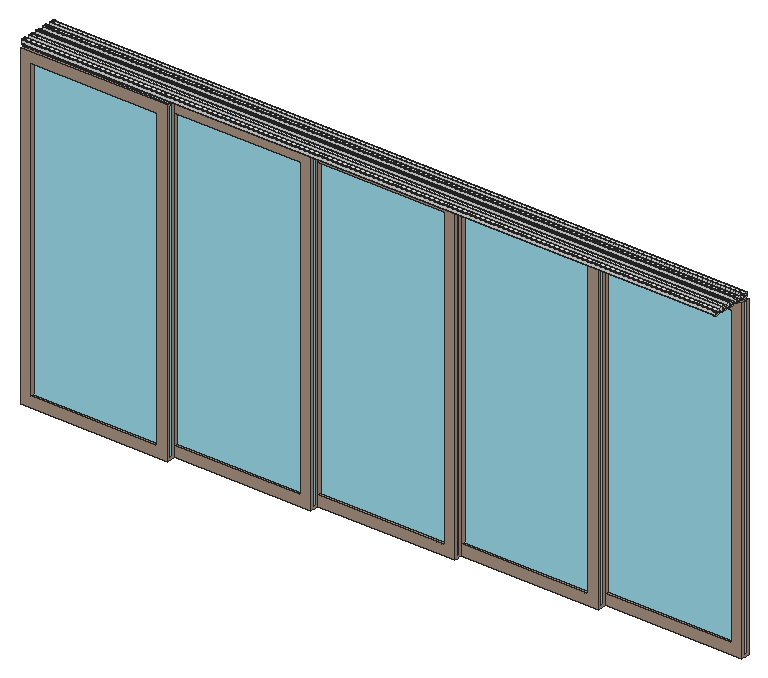
Revit family "Slido 5 Panel Slide SW5 XRDLP", category Doors, host Wall, Revit 2016
Family settings
  Host = Wall
  Always vertical = Yes
  Cut with Voids When Loaded = No
  Shared = No
  Room Calculation Point = No
Parameters (values of type "193"x 94 3/4"")
  URL = "www.raydoor.com"
  Type Image = SW3.JPG
  Thickness = 2 1/4"  # constant formula
  Rough Width = 1"  # constant formula
  Rough Height = 0"  # constant formula
  Model = "SW5"
  Function = Interior
  Door Material = Door - Panel
  Panel Material = Glass, Cast, Gray
  Height = 94 3/4"
  Trim Projection Ext = 63/64"  # constant formula
  Typ = 3"  # constant formula
  Wall Closure = By host
  Width = 200"
  Assembly Code = "SW5 XRDLP"
Reference planes (in)
  plane 1: y = 0
  plane 2: z = 0
  plane 3: x = -1.5
  plane 4: x = -101.5
  plane 5: x = 98.5
  plane 6: z = 94.75
  plane 7: x = 18.2
  plane 8: x = 57.6
  plane 9: z = 92.75
  plane 10: x = -21.2
  plane 11: x = -22.7
  plane 12: x = -21.2
  plane 13: x = -19.7
  plane 14: x = -100
  plane 15: x = -98.5
  plane 16: x = 16.7
  plane 17: x = 18.2
  plane 18: x = 19.7
  plane 19: x = 95.5
  plane 20: x = 97
  plane 21: x = -62.1
  plane 22: x = -60.6
  plane 23: x = -59.1
  plane 24: x = 56.1
  plane 25: x = 57.6
  plane 26: x = 59.1
  plane 27: x = 94
  plane 28: x = -60.6
Forms (in)
  Extrusion 1, solid, material "Door - Panel" <- "Door Material"
    sketch origin (-95, -7.75, 0.25) x (1, 0, 0) y (0, 0, 1)
      loop
        line (72.3, 92.5) -> (72.3, 0.5) -> (114.7, 0.5) -> (114.7, 92.5) -> (72.3, 92.5)
      loop
        line (75.3, 89.5) -> (75.3, 3.5) -> (111.7, 3.5) -> (111.7, 89.5) -> (75.3, 89.5)
    from -8.875 to -6.625
  Extrusion 2, solid, material "Glass, Cast, Gray" <- "Panel Material"
    sketch origin (-58, -13.51431, 0.25) x (1, 0, 0) y (0, 0, 1)
      loop
        line (35.3, 92.5) -> (35.3, 1.375) -> (77.7, 1.375) -> (77.7, 92.5) -> (35.3, 92.5)
    from -13.62452 to -13.37616
  Extrusion 3, solid, material "Door - Panel" <- "Door Material"
    sketch origin (-133.5, -5.62336, 0.25) x (1, 0, 0) y (0, 0, 1)
      loop
        line (71.4, 92.5) -> (71.4, 0.5) -> (113.8, 0.5) -> (113.8, 92.5) -> (71.4, 92.5)
      loop
        line (74.4, 89.5) -> (74.4, 3.5) -> (110.8, 3.5) -> (110.8, 89.5) -> (74.4, 89.5)
    from -4.23602 to -1.98602
  Extrusion 4, solid, material "Glass, Cast, Gray" <- "Panel Material"
    sketch origin (-97, -16.00826, 0.25) x (1, 0, 0) y (0, 0, 1)
      loop
        line (34.9, 92.5) -> (34.9, 1.375) -> (77.3, 1.375) -> (77.3, 92.5) -> (34.9, 92.5)
    from -13.61928 to -13.37092
  Extrusion 5, solid, material "Door - Panel" <- "Door Material"
    sketch origin (-57, -1.59375, 0.25) x (1, 0, 0) y (0, 0, 1)
      loop
        line (73.7, 92.5) -> (73.7, 0.5) -> (116.1, 0.5) -> (116.1, 92.5) -> (73.7, 92.5)
      loop
        line (76.7, 89.5) -> (76.7, 3.5) -> (113.1, 3.5) -> (113.1, 89.5) -> (76.7, 89.5)
    from -5.23602 to -2.98602
  Extrusion 6, solid, material "Glass, Cast, Gray" <- "Panel Material"
    sketch origin (-20, -11.04925, 0.25) x (1, 0, 0) y (0, 0, 1)
      loop
        line (36.7, 92.5) -> (36.7, 1.375) -> (79.1, 1.375) -> (79.1, 92.5) -> (36.7, 92.5)
    from -13.69152 to -13.44316
  Extrusion 7, solid, material "UHMW, White"
    sketch origin (0, 41.42102, -8.8393) x (0, 1, 0) y (0, 0, 1)
      loop
        line (-41.24979, 103.49555) -> (-41.24979, 103.39872) -> (-41.19052, 103.39872) -> (-41.19052, 103.49555) -> (-41.01664, 103.49555) -> (-41.01664, 103.36591) -> (-40.88228, 103.35416) -> (-40.88228, 102.49373) -> (-40.91389, 102.37574) -> (-41.13124, 102.35673) -> (-41.13124, 102.27673) -> (-40.93332, 102.27673)
        arc (-40.93332, 102.27673) -> (-40.89144, 102.29771) -> (-40.84955, 102.27673) r 0.0523
        arc (-40.84955, 102.27673) -> (-40.8224, 102.28798) -> (-40.81115, 102.31514) r 0.0384
        line (-40.81115, 102.31514) -> (-40.81115, 103.47023) -> (-40.85067, 103.47023)
        arc (-40.85067, 103.47023) -> (-40.91587, 103.43259) -> (-40.91587, 103.50788) r 0.04347
        line (-40.91587, 103.50788) -> (-40.91587, 103.5893) -> (-41.93937, 103.5893) -> (-41.93937, 103.50788)
        arc (-41.93937, 103.50788) -> (-41.93937, 103.43259) -> (-42.00458, 103.47023) r 0.04347
        line (-42.00458, 103.47023) -> (-42.04415, 103.47023) -> (-42.04415, 102.31546)
        arc (-42.04415, 102.31546) -> (-42.03287, 102.28823) -> (-42.00564, 102.27695) r 0.03851
        arc (-42.00564, 102.27695) -> (-41.96373, 102.29782) -> (-41.92189, 102.2768) r 0.05233
        line (-41.92189, 102.2768) -> (-41.724, 102.2768) -> (-41.724, 102.35673) -> (-41.94135, 102.37574) -> (-41.97296, 102.49373) -> (-41.97296, 103.35416) -> (-41.8386, 103.36591) -> (-41.8386, 103.49555) -> (-41.66473, 103.49555) -> (-41.66473, 103.39872) -> (-41.60545, 103.39872) -> (-41.60545, 103.49555) -> (-41.24979, 103.49555)
    from -101.5 to 98.5
  Extrusion 8, solid, material "UHMW, White"
    sketch origin (-41.44048, 0.40931, 94.375) x (0, -1, 0) y (1, 0, 0)
      loop
        circle (0.40931, 59.64048) r 0.125
    from -1.625 to 0.375
  Extrusion 9, solid, material "UHMW, White"
    sketch origin (-79.44047, 3.13354, 94.375) x (0, -1, 0) y (1, 0, 0)
      loop
        circle (0.59681, 137.04047) r 0.125
    from -1.625 to 0.375
  Extrusion 10, solid, material "UHMW, White"
    sketch origin (-41.44048, -2.33987, 94.375) x (0, -1, 0) y (1, 0, 0)
      loop
        circle (0.15931, 20.24048) r 0.125
    from -1.625 to 0.375
  Extrusion 11, void
    sketch origin (-97, -16.00826, -91) x (1, 0, 0) y (0, 0, 1)
      loop
        line (34.9, 92.625) -> (34.9, 91.75) -> (77.3, 91.75) -> (77.3, 92.625) -> (34.9, 92.625)
    from -13.61928 to -13.37092
  Extrusion 12, void
    sketch origin (-97, -13.48248, -91) x (1, 0, 0) y (0, 0, 1)
      loop
        line (74.3, 92.625) -> (74.3, 91.75) -> (116.7, 91.75) -> (116.7, 92.625) -> (74.3, 92.625)
    from -13.59269 to -13.34433
  Extrusion 13, void
    sketch origin (-97, -11.10201, -91) x (1, 0, 0) y (0, 0, 1)
      loop
        line (113.7, 92.625) -> (113.7, 91.75) -> (156.1, 91.75) -> (156.1, 92.625) -> (113.7, 92.625)
    from -13.74428 to -13.49592
  Extrusion 14, solid, material "UHMW, White"
    sketch origin (0, 43.95775, -8.8393) x (0, 1, 0) y (0, 0, 1)
      loop
        line (-41.24319, 103.49555) -> (-41.24319, 103.39872) -> (-41.18392, 103.39872) -> (-41.18392, 103.49555) -> (-41.01004, 103.49555) -> (-41.01004, 103.36591) -> (-40.87568, 103.35416) -> (-40.87568, 102.49373) -> (-40.90729, 102.37574) -> (-41.12464, 102.35673) -> (-41.12464, 102.27673) -> (-40.92672, 102.27673)
        arc (-40.92672, 102.27673) -> (-40.88484, 102.29771) -> (-40.84295, 102.27673) r 0.0523
        arc (-40.84295, 102.27673) -> (-40.8158, 102.28798) -> (-40.80455, 102.31514) r 0.0384
        line (-40.80455, 102.31514) -> (-40.80455, 103.47023) -> (-40.84407, 103.47023)
        arc (-40.84407, 103.47023) -> (-40.90927, 103.43259) -> (-40.90927, 103.50788) r 0.04347
        line (-40.90927, 103.50788) -> (-40.90927, 103.5893) -> (-41.93277, 103.5893) -> (-41.93277, 103.50788)
        arc (-41.93277, 103.50788) -> (-41.93277, 103.43259) -> (-41.99798, 103.47023) r 0.04347
        line (-41.99798, 103.47023) -> (-42.03755, 103.47023) -> (-42.03755, 102.31546)
        arc (-42.03755, 102.31546) -> (-42.02627, 102.28823) -> (-41.99904, 102.27695) r 0.03851
        arc (-41.99904, 102.27695) -> (-41.95713, 102.29782) -> (-41.91529, 102.2768) r 0.05233
        line (-41.91529, 102.2768) -> (-41.7174, 102.2768) -> (-41.7174, 102.35673) -> (-41.93475, 102.37574) -> (-41.96636, 102.49373) -> (-41.96636, 103.35416) -> (-41.832, 103.36591) -> (-41.832, 103.49555) -> (-41.65813, 103.49555) -> (-41.65813, 103.39872) -> (-41.59885, 103.39872) -> (-41.59885, 103.49555) -> (-41.24319, 103.49555)
    from -101.5 to 98.5
  Extrusion 15, solid, material "Door - Panel" <- "Door Material"
    sketch origin (-57, 0.92352, 0.25) x (1, 0, 0) y (0, 0, 1)
      loop
        line (113.1, 92.5) -> (113.1, 0.5) -> (155.5, 0.5) -> (155.5, 92.5) -> (113.1, 92.5)
      loop
        line (116.1, 89.5) -> (116.1, 3.5) -> (152.5, 3.5) -> (152.5, 89.5) -> (116.1, 89.5)
    from -5.23602 to -2.98602
  Extrusion 16, solid, material "Glass, Cast, Gray" <- "Panel Material"
    sketch origin (-20, -8.53198, 0.25) x (1, 0, 0) y (0, 0, 1)
      loop
        line (76.1, 92.5) -> (76.1, 1.375) -> (118.5, 1.375) -> (118.5, 92.5) -> (76.1, 92.5)
    from -13.69152 to -13.44316
  Extrusion 17, solid, material "UHMW, White"
    sketch origin (-79.44047, 5.65081, 94.375) x (0, -1, 0) y (1, 0, 0)
      loop
        circle (0.59681, 176.44047) r 0.125
    from -1.625 to 0.375
  Extrusion 18, void
    sketch origin (-97, -8.58474, -91) x (1, 0, 0) y (0, 0, 1)
      loop
        line (153.1, 92.625) -> (153.1, 91.75) -> (195.5, 91.75) -> (195.5, 92.625) -> (153.1, 92.625)
    from -13.74428 to -13.49592
  Extrusion 19, solid, material "Door - Panel" <- "Door Material"
    sketch origin (-133.5, -8.1357, 0.25) x (1, 0, 0) y (0, 0, 1)
      loop
        line (32, 92.5) -> (32, 0.5) -> (74.4, 0.5) -> (74.4, 92.5) -> (32, 92.5)
      loop
        line (35, 89.5) -> (35, 3.5) -> (71.4, 3.5) -> (71.4, 89.5) -> (35, 89.5)
    from -4.23602 to -1.98602
  Extrusion 20, solid, material "Glass, Cast, Gray" <- "Panel Material"
    sketch origin (-97, -18.5206, 0.25) x (1, 0, 0) y (0, 0, 1)
      loop
        line (-4.5, 92.5) -> (-4.5, 1.375) -> (37.9, 1.375) -> (37.9, 92.5) -> (-4.5, 92.5)
    from -13.61928 to -13.37092
  Extrusion 21, solid, material "UHMW, White"
    sketch origin (0, 36.1595, -8.8393) x (0, 1, 0) y (0, 0, 1)
      loop
        line (-40.65927, 103.5893) -> (-41.68277, 103.5893) -> (-41.68277, 103.50788)
        arc (-41.68277, 103.50788) -> (-41.68277, 103.43259) -> (-41.74798, 103.47023) r 0.04347
        line (-41.74798, 103.47023) -> (-41.78755, 103.47023) -> (-41.78755, 102.31546)
        arc (-41.78755, 102.31546) -> (-41.77627, 102.28823) -> (-41.74904, 102.27695) r 0.03851
        arc (-41.74904, 102.27695) -> (-41.70713, 102.29782) -> (-41.66529, 102.2768) r 0.05233
        line (-41.66529, 102.2768) -> (-41.4674, 102.2768) -> (-41.4674, 102.35673) -> (-41.68475, 102.37574) -> (-41.71636, 102.49373) -> (-41.71636, 103.35416) -> (-41.582, 103.36591) -> (-41.582, 103.49555) -> (-41.40813, 103.49555) -> (-41.40813, 103.39872) -> (-41.34885, 103.39872) -> (-41.34885, 103.49555) -> (-40.99319, 103.49555) -> (-40.99319, 103.39872) -> (-40.93392, 103.39872) -> (-40.93392, 103.49555) -> (-40.76004, 103.49555) -> (-40.76004, 103.36591) -> (-40.62568, 103.35416) -> (-40.62568, 102.49373) -> (-40.65729, 102.37574) -> (-40.87464, 102.35673) -> (-40.87464, 102.27673) -> (-40.67672, 102.27673)
        arc (-40.67672, 102.27673) -> (-40.63484, 102.29771) -> (-40.59295, 102.27673) r 0.0523
        arc (-40.59295, 102.27673) -> (-40.5658, 102.28798) -> (-40.55455, 102.31514) r 0.0384
        line (-40.55455, 102.31514) -> (-40.55455, 103.47023) -> (-40.59407, 103.47023)
        arc (-40.59407, 103.47023) -> (-40.65927, 103.43259) -> (-40.65927, 103.50788) r 0.04347
        line (-40.65927, 103.50788) -> (-40.65927, 103.5893)
    from -101.5 to 98.5
  Extrusion 22, solid, material "UHMW, White"
    sketch origin (-41.44048, -4.85221, 94.375) x (0, -1, 0) y (1, 0, 0)
      loop
        circle (0.15931, -19.15952) r 0.125
    from -1.625 to 0.375
  Extrusion 23, void
    sketch origin (-97, -18.5206, -91) x (1, 0, 0) y (0, 0, 1)
      loop
        line (-4.5, 92.625) -> (-4.5, 91.75) -> (37.9, 91.75) -> (37.9, 92.625) -> (-4.5, 92.625)
    from -13.61928 to -13.37092
  Extrusion 24, solid, material "UHMW, White"
    sketch origin (0, 38.90868, -8.8393) x (0, 1, 0) y (0, 0, 1)
      loop
        line (-41.23004, 103.49555) -> (-41.23004, 103.39872) -> (-41.17076, 103.39872) -> (-41.17076, 103.49555) -> (-40.99688, 103.49555) -> (-40.99688, 103.36591) -> (-40.86252, 103.35416) -> (-40.86252, 102.49373) -> (-40.89414, 102.37574) -> (-41.11148, 102.35673) -> (-41.11148, 102.27673) -> (-40.91357, 102.27673)
        arc (-40.91357, 102.27673) -> (-40.87168, 102.29771) -> (-40.82979, 102.27673) r 0.0523
        arc (-40.82979, 102.27673) -> (-40.80264, 102.28798) -> (-40.79139, 102.31514) r 0.0384
        line (-40.79139, 102.31514) -> (-40.79139, 103.47023) -> (-40.83091, 103.47023)
        arc (-40.83091, 103.47023) -> (-40.89611, 103.43259) -> (-40.89611, 103.50788) r 0.04347
        line (-40.89611, 103.50788) -> (-40.89611, 103.5893) -> (-41.91962, 103.5893) -> (-41.91962, 103.50788)
        arc (-41.91962, 103.50788) -> (-41.91962, 103.43259) -> (-41.98482, 103.47023) r 0.04347
        line (-41.98482, 103.47023) -> (-42.02439, 103.47023) -> (-42.02439, 102.31546)
        arc (-42.02439, 102.31546) -> (-42.01311, 102.28823) -> (-41.98588, 102.27695) r 0.03851
        arc (-41.98588, 102.27695) -> (-41.94397, 102.29782) -> (-41.90213, 102.2768) r 0.05233
        line (-41.90213, 102.2768) -> (-41.70425, 102.2768) -> (-41.70425, 102.35673) -> (-41.92159, 102.37574) -> (-41.95321, 102.49373) -> (-41.95321, 103.35416) -> (-41.81885, 103.36591) -> (-41.81885, 103.49555) -> (-41.64497, 103.49555) -> (-41.64497, 103.39872) -> (-41.58569, 103.39872) -> (-41.58569, 103.49555) -> (-41.23004, 103.49555)
    from -101.5 to 98.5
  Extrusion 25, solid, material "UHMW, White"
    sketch origin (-1.5, 46.47502, -8.8393) x (0, 1, 0) y (0, 0, 1)
      loop
        line (-41.24319, 103.49555) -> (-41.24319, 103.39872) -> (-41.18392, 103.39872) -> (-41.18392, 103.49555) -> (-41.01004, 103.49555) -> (-41.01004, 103.36591) -> (-40.87568, 103.35416) -> (-40.87568, 102.49373) -> (-40.90729, 102.37574) -> (-41.12464, 102.35673) -> (-41.12464, 102.27673) -> (-40.92672, 102.27673)
        arc (-40.92672, 102.27673) -> (-40.88484, 102.29771) -> (-40.84295, 102.27673) r 0.0523
        arc (-40.84295, 102.27673) -> (-40.8158, 102.28798) -> (-40.80455, 102.31514) r 0.0384
        line (-40.80455, 102.31514) -> (-40.80455, 103.47023) -> (-40.84407, 103.47023)
        arc (-40.84407, 103.47023) -> (-40.90927, 103.43259) -> (-40.90927, 103.50788) r 0.04347
        line (-40.90927, 103.50788) -> (-40.90927, 103.5893) -> (-41.93277, 103.5893) -> (-41.93277, 103.50788)
        arc (-41.93277, 103.50788) -> (-41.93277, 103.43259) -> (-41.99798, 103.47023) r 0.04347
        line (-41.99798, 103.47023) -> (-42.03755, 103.47023) -> (-42.03755, 102.31546)
        arc (-42.03755, 102.31546) -> (-42.02627, 102.28823) -> (-41.99904, 102.27695) r 0.03851
        arc (-41.99904, 102.27695) -> (-41.95713, 102.29782) -> (-41.91529, 102.2768) r 0.05233
        line (-41.91529, 102.2768) -> (-41.7174, 102.2768) -> (-41.7174, 102.35673) -> (-41.93475, 102.37574) -> (-41.96636, 102.49373) -> (-41.96636, 103.35416) -> (-41.832, 103.36591) -> (-41.832, 103.49555) -> (-41.65813, 103.49555) -> (-41.65813, 103.39872) -> (-41.59885, 103.39872) -> (-41.59885, 103.49555) -> (-41.24319, 103.49555)
    from -100 to 100
  Extrusion 26, solid, material "UHMW, White", not visible
    sketch origin (0, 46.47502, -8.8393) x (0, 1, 0) y (0, 0, 1)
      loop
        line (-40.98352, 103.19868) -> (-41.01171, 103.3393) -> (-41.83033, 103.3393) -> (-41.85852, 103.19868)
        arc (-41.85852, 103.19868) -> (-41.80383, 103.14399) -> (-41.85852, 103.0893) r 0.05469
        line (-41.85852, 103.0893) -> (-41.98352, 103.0893)
        arc (-41.98352, 103.0893) -> (-42.00562, 103.08015) -> (-42.01477, 103.05805) r 0.03125
        line (-42.01477, 103.05805) -> (-42.01477, 102.01916)
        arc (-42.01477, 102.01916) -> (-42.00846, 102.00031) -> (-41.99207, 101.98907) r 0.0313
        line (-41.99207, 101.98907) -> (-41.79602, 101.93305) -> (-41.69446, 101.93305)
        arc (-41.69446, 101.93305) -> (-41.67628, 101.9417) -> (-41.67151, 101.96126) r 0.02344
        arc (-41.67151, 101.96126) -> (-41.67368, 101.97686) -> (-41.68523, 101.98757) r 0.02344
        line (-41.68523, 101.98757) -> (-41.93665, 102.0594) -> (-41.93665, 102.13127) -> (-41.95227, 102.19377) -> (-41.95227, 102.99555) -> (-41.80383, 103.006) -> (-41.71195, 103.24555) -> (-41.1301, 103.24555) -> (-41.03821, 103.006) -> (-40.88977, 102.99555) -> (-40.88977, 102.19377) -> (-40.9054, 102.13127) -> (-40.9054, 102.0594) -> (-41.15682, 101.98757)
        arc (-41.15682, 101.98757) -> (-41.16837, 101.97686) -> (-41.17053, 101.96126) r 0.02344
        arc (-41.17053, 101.96126) -> (-41.16576, 101.9417) -> (-41.14758, 101.93305) r 0.02344
        line (-41.14758, 101.93305) -> (-41.04602, 101.93305) -> (-40.84997, 101.98907)
        arc (-40.84997, 101.98907) -> (-40.83358, 102.00031) -> (-40.82727, 102.01916) r 0.0313
        line (-40.82727, 102.01916) -> (-40.82727, 103.05805)
        arc (-40.82727, 103.05805) -> (-40.83642, 103.08015) -> (-40.85852, 103.0893) r 0.03125
        line (-40.85852, 103.0893) -> (-40.98352, 103.0893)
        arc (-40.98352, 103.0893) -> (-41.03821, 103.14399) -> (-40.98352, 103.19868) r 0.05469
    from -96.5 to 96.5
Cuts and joins
  Extrusion 11, Extrusion 23 cuts Extrusion 3
  Extrusion 12 cuts Extrusion 1
  Extrusion 13, Extrusion 18 cuts Extrusion 5
  Extrusion 18 cuts Extrusion 6
  Extrusion 18 cuts Extrusion 15
  Extrusion 18 cuts Extrusion 16
  Extrusion 23 cuts Extrusion 4
  Extrusion 23 cuts Extrusion 19
  Extrusion 23 cuts Extrusion 20
Lines and regions (in)
  Opening 1
    outline origin (-60, -7.75, 144) x (0, 0, -1) y (1, 0, 0)
      loop
        line (49.25, -41.5) -> (144, -41.5) -> (144, 158.5) -> (49.25, 158.5) -> (49.25, -41.5)
  Masking region 1
    outline origin (0, 0, 0) x (1, 0, 0) y (0, 1, 0)
      loop
        line (98.5, -1.125) -> (98.5, 1.125) -> (56.1, 1.125) -> (56.1, -1.125) -> (98.5, -1.125)
  Masking region 2
    outline origin (0, -2.5, 0) x (1, 0, 0) y (0, 1, 0)
      loop
        line (98.5, -1.13734) -> (98.5, 1.11266) -> (56.1, 1.11266) -> (56.1, -1.13734) -> (98.5, -1.13734)
  Masking region 3
    outline origin (0, 2.70109, 0) x (1, 0, 0) y (0, 1, 0)
      loop
        line (98.5, -1.30882) -> (98.5, 0.94118) -> (56.1, 0.94118) -> (56.1, -1.30882) -> (98.5, -1.30882)
  Masking region 4
    outline origin (0, 4.70109, 0) x (1, 0, 0) y (0, 1, 0)
      loop
        line (98.5, -0.79154) -> (98.5, 1.45846) -> (56.1, 1.45846) -> (56.1, -0.79154) -> (98.5, -0.79154)
  Masking region 5
    outline origin (0, -4.5, 0) x (1, 0, 0) y (0, 1, 0)
      loop
        line (98.5, -1.64968) -> (98.5, 0.60032) -> (56.1, 0.60032) -> (56.1, -1.64968) -> (98.5, -1.64968)
  symbolic lines, style "Plan Swing"
    curve 1: line (4.5, -16.42864, 0) -> (-9.5, -16.42864, 0)
    curve 2: line (-9.5, -16.42864, 0) -> (-7.37868, -14.30732, 0)
    curve 3: line (4.5, -17.94763, 0) -> (-9.5, -17.94763, 0)
    curve 19: line (2.37868, -20.06895, 0) -> (4.5, -17.94763, 0)
    curve 20: line (-25.6, -16.42864, 0) -> (-39.6, -16.42864, 0)
    curve 21: line (-39.6, -16.42864, 0) -> (-37.47868, -14.30732, 0)
    curve 22: line (-25.6, -17.94763, 0) -> (-39.6, -17.94763, 0)
    curve 23: line (-27.72132, -20.06895, 0) -> (-25.6, -17.94763, 0)
    curve 24: line (34.6, -16.42864, 0) -> (20.6, -16.42864, 0)
    curve 25: line (20.6, -16.42864, 0) -> (22.72132, -14.30732, 0)
    curve 26: line (34.6, -17.94763, 0) -> (20.6, -17.94763, 0)
    curve 27: line (32.47868, -20.06895, 0) -> (34.6, -17.94763, 0)
  model lines
    curve 4: line (-101.5, 7.75, 0) -> (98.5, 7.75, 0)
  symbolic lines, style "Elevation Swing"
    curve 5: line (-13.10001, 0, 38.12969) -> (10.29999, 0, 38.12969)
    curve 6: line (10.1, 0, 32.93892) -> (-13.3, 0, 32.93892)
    curve 7: line (-13.10001, 0, 38.12969) -> (-8.87235, 0, 41.66522)
    curve 8: line (5.85659, 0, 29.40338) -> (10.1, 0, 32.93892)
  symbolic lines, style "DoorsHiddenLines"
    curve 9: line (97, 1.375, 0) -> (-100, 1.375, 0)
    curve 10: line (97, 3.64227, 0) -> (-100, 3.64227, 0)
    curve 11: line (97, 1.125, 0) -> (-100, 1.125, 0)
    curve 12: line (97, -1.125, 0) -> (-100, -1.125, 0)
    curve 13: line (97, -3.63734, 0) -> (-100, -3.63734, 0)
    curve 14: line (97, -1.375, 0) -> (-100, -1.375, 0)
    curve 15: line (97, 3.89227, 0) -> (-100, 3.89227, 0)
    curve 16: line (97, 6.15955, 0) -> (-100, 6.15955, 0)
    curve 17: line (97, -6.14968, 0) -> (-100, -6.14968, 0)
    curve 18: line (97, -3.89968, 0) -> (-100, -3.89968, 0)
Dimensions and locks (in)
  equal spacing: plane 4, plane 3, plane 5
  "Width": plane 4 to plane 5
  "Height": plane 6 to level
  "Typ": Extrusion 1 sketch curve to Extrusion 1 sketch curve  (x2)
  locked: Extrusion 2 to Extrusion 2 at 0.24836
  locked: Extrusion 2 to Extrusion 1 at 0.98684
  locked: Extrusion 1 to Extrusion 2 at 1.0148
  Masking region 1 sketch curve to plane 5 = 42.4"
  "Typ": Extrusion 3 sketch curve to Extrusion 3 sketch curve  (x2)
  locked: Extrusion 4 to Extrusion 4 at 0.24836
  "Thickness": Extrusion 3 to Extrusion 3
  locked: Extrusion 3 to Extrusion 4 at 1.00164
  locked: Extrusion 4 to Extrusion 3 at 1
  "Thickness": Extrusion 1 to Extrusion 1
  "Typ": Extrusion 5 sketch curve to Extrusion 5 sketch curve  (x2)
  locked: Extrusion 6 to Extrusion 6 at 0.24836
  locked: Extrusion 6 to Extrusion 5 at 1.00164
  locked: Extrusion 5 to Extrusion 6 at 1
  "Thickness": Extrusion 5 to Extrusion 5
  locked: plane 7 to Extrusion 8 sketch curve at 0.125
  locked: plane 7 to Extrusion 1 at 1.5
  plane 6 to plane 9 = 2"
  locked: plane 10 to Extrusion 10 sketch curve at 0.125
  Extrusion 3 to Extrusion 4 sketch curve = 7/8"
  locked: curve 4 to Extrusion 3 sketch curve at 0.75
  cut or joined group of Extrusion 3, Extrusion 11, Extrusion 23 to Extrusion 2 sketch curve = 7/8"
  locked: Extrusion 5 to Extrusion 6 sketch curve at 0.875
  locked: cut or joined group of Extrusion 5, Extrusion 13, Extrusion 18 to cut or joined group of Extrusion 1, Extrusion 12 at 0.26727
  "Typ": plane 11 to plane 13
  equal spacing: plane 11, plane 12, plane 13, locked at 1.5 each
  "Typ": plane 4 to plane 15
  equal spacing: plane 4, plane 14, plane 15, locked at 1.5 each
  equal spacing: plane 14, plane 22, plane 12, plane 17, plane 25, plane 20
  "Typ": plane 16 to plane 18
  equal spacing: plane 16, plane 17, plane 18, locked at 1.5 each
  "Typ": plane 19 to plane 5
  equal spacing: plane 19, plane 20, plane 5, locked at 1.5 each
  equal spacing: cut or joined group of Extrusion 1, Extrusion 12, host wall, cut or joined group of Extrusion 1, Extrusion 12, locked at 1.125 each
  locked: cut or joined group of Extrusion 1, Extrusion 12 to cut or joined group of Extrusion 3, Extrusion 11, Extrusion 23 at 0.26234
  locked: Extrusion 10 sketch curve to host wall at 2.62418
  locked: host wall to cut or joined group of Extrusion 3, Extrusion 11, Extrusion 23 at 1.38734
  locked: host wall to Extrusion 9 sketch curve at 2.41172
  "Thickness": Masking region 2 sketch curve to Masking region 2 sketch curve
  locked: curve 12 to Masking region 2 sketch curve at 0.26234
  "Typ": plane 21 to plane 23
  equal spacing: plane 21, plane 22, plane 23, locked at 1.5 each
  "Typ": plane 24 to plane 26
  equal spacing: plane 24, plane 25, plane 26, locked at 1.5 each
  "Typ": Extrusion 15 sketch curve to Extrusion 15 sketch curve  (x2)
  locked: Extrusion 16 to Extrusion 16 at 0.24836
  locked: Extrusion 16 to Extrusion 15 at 1.00164
  locked: Extrusion 15 to Extrusion 16 at 1
  "Thickness": Extrusion 15 to Extrusion 15
  locked: plane 27 to Extrusion 15 at 1.5
  locked: Extrusion 15 to Extrusion 16 sketch curve at 0.875
  cut or joined group of Extrusion 15, Extrusion 18 to cut or joined group of Extrusion 5, Extrusion 13, Extrusion 18 = 0.26727"
  "Typ": Extrusion 19 sketch curve to Extrusion 19 sketch curve  (x2)
  locked: Extrusion 20 to Extrusion 20 at 0.24836
  "Thickness": Extrusion 19 to Extrusion 19
  locked: Extrusion 19 to Extrusion 20 at 1.00164
  locked: Extrusion 20 to Extrusion 19 at 1
  locked: plane 28 to Extrusion 22 sketch curve at 0.125
  locked: Extrusion 19 to Extrusion 20 sketch curve at 0.875
  locked: Extrusion 26 sketch curve to Extrusion 26 sketch curve at 0.09375
  locked: cut or joined group of Extrusion 3, Extrusion 11, Extrusion 23 to cut or joined group of Extrusion 19, Extrusion 23 at 0.26234
  plane 9 to plane 6 = 2"
  Extrusion 25 to Extrusion 25 = 1.233"
  Extrusion 14 to Extrusion 14 = 1.233"
  Extrusion 7 to Extrusion 7 = 1.233"
  Extrusion 24 to Extrusion 24 = 1.233"
  Extrusion 21 to Extrusion 21 = 1.233"
  Extrusion 21 to plane 6 = 1 5/16"
  cut or joined group of Extrusion 15, Extrusion 18 to cut or joined group of Extrusion 15, Extrusion 18 = 2 1/4"
  cut or joined group of Extrusion 5, Extrusion 13, Extrusion 18 to cut or joined group of Extrusion 5, Extrusion 13, Extrusion 18 = 2 1/4"
  cut or joined group of Extrusion 1, Extrusion 12 to cut or joined group of Extrusion 1, Extrusion 12 = 2 1/4"
  cut or joined group of Extrusion 3, Extrusion 11, Extrusion 23 to cut or joined group of Extrusion 3, Extrusion 11, Extrusion 23 = 2 1/4"
  cut or joined group of Extrusion 19, Extrusion 23 to cut or joined group of Extrusion 19, Extrusion 23 = 2 1/4"
  cut or joined group of Extrusion 15, Extrusion 18 to cut or joined group of Extrusion 19, Extrusion 23 = 12.30922"
  cut or joined group of Extrusion 19, Extrusion 23 to level = 3/4"
  locked: curve 18 to curve 17 at 2.25
  radius of Extrusion 9 sketch curve = 1/8"
  radius of Extrusion 10 sketch curve = 1/8"
  radius of Extrusion 17 sketch curve = 1/8"
  radius of Extrusion 22 sketch curve = 1/8"
  diameter of Extrusion 8 sketch curve = 1/4"
  aligned and locked: Extrusion 1 to Extrusion 2  (x2)
  aligned and locked: Opening 1 sketch curve to plane 5
  aligned and locked: Opening 1 sketch curve to plane 4
  aligned and locked: Extrusion 3 to Extrusion 4  (x2)
  aligned and locked: Extrusion 5 to Extrusion 6
  aligned and locked: Extrusion 6 to Extrusion 5
  aligned and locked: Extrusion 7 to plane 6
  aligned and locked: plane 4 to Extrusion 7
  aligned and locked: Extrusion 7 to plane 5
  aligned and locked: Extrusion 8 to Extrusion 1
  aligned and locked: Extrusion 9 to Extrusion 5
  aligned and locked: plane 9 to Extrusion 1
  aligned and locked: plane 9 to Extrusion 5
  aligned and locked: Extrusion 11 to Extrusion 4
  aligned and locked: Extrusion 4 to Extrusion 11
  aligned and locked: Extrusion 11 to Extrusion 1
  aligned and locked: Extrusion 1 to Extrusion 11
  aligned and locked: Extrusion 12 to Extrusion 1
  aligned and locked: Extrusion 1 to Extrusion 12  (x2)
  aligned and locked: Extrusion 5 to Extrusion 13  (x2)
  aligned and locked: Extrusion 12 to Extrusion 2
  aligned and locked: Extrusion 2 to Extrusion 12
  aligned and locked: Extrusion 13 to Extrusion 6  (x2)
  aligned and locked: Extrusion 6 to Extrusion 13
  aligned and locked: Extrusion 10 to plane 9
  aligned and locked: Extrusion 14 to plane 6
  aligned and locked: cut or joined group of Extrusion 3, Extrusion 11, Extrusion 23 to plane 11
  aligned and locked: plane 13 to cut or joined group of Extrusion 3, Extrusion 11, Extrusion 23
  aligned and locked: plane 13 to cut or joined group of Extrusion 1, Extrusion 12
  aligned and locked: Extrusion 2 to plane 11
  aligned and locked: cut or joined group of Extrusion 1, Extrusion 12 to plane 11
  aligned and locked: cut or joined group of Extrusion 1, Extrusion 12 to plane 16
  aligned and locked: plane 18 to cut or joined group of Extrusion 1, Extrusion 12
  aligned and locked: Masking region 2 to plane 5
  aligned and locked: Masking region 1 to plane 5
  aligned and locked: cut or joined group of Extrusion 5, Extrusion 13, Extrusion 18 to plane 16
  aligned and locked: plane 18 to cut or joined group of Extrusion 5, Extrusion 13, Extrusion 18
  aligned and locked: Masking region 1 to curve 12
  aligned and locked: Masking region 1 to curve 11
  aligned and locked: Masking region 3 sketch curve to curve 10
  aligned and locked: plane 10 to plane 12
  aligned and locked: plane 7 to plane 17
  aligned and locked: Extrusion 18 to Extrusion 16  (x2)
  aligned and locked: Extrusion 16 to Extrusion 18
  aligned and locked: plane 26 to Extrusion 13
  aligned and locked: cut or joined group of Extrusion 5, Extrusion 13, Extrusion 18 to plane 24
  aligned and locked: plane 26 to cut or joined group of Extrusion 5, Extrusion 13, Extrusion 18
  aligned and locked: plane 26 to cut or joined group of Extrusion 6, Extrusion 18
  aligned and locked: cut or joined group of Extrusion 15, Extrusion 18 to curve 16
  aligned and locked: host wall to Extrusion 18
  aligned and locked: cut or joined group of Extrusion 16, Extrusion 18 to plane 5
  aligned and locked: cut or joined group of Extrusion 15, Extrusion 18 to plane 5
  aligned and locked: cut or joined group of Extrusion 15, Extrusion 18 to plane 19
  aligned and locked: Extrusion 18 to cut or joined group of Extrusion 5, Extrusion 13, Extrusion 18
  aligned and locked: cut or joined group of Extrusion 15, Extrusion 18 to plane 24
  aligned and locked: plane 26 to cut or joined group of Extrusion 15, Extrusion 18
  aligned and locked: cut or joined group of Extrusion 16, Extrusion 18 to plane 24
  aligned and locked: Masking region 3 to plane 5
  aligned and locked: Masking region 3 to plane 24
  aligned and locked: Extrusion 4 to plane 21
  aligned and locked: cut or joined group of Extrusion 3, Extrusion 11, Extrusion 23 to plane 21
  aligned and locked: plane 23 to cut or joined group of Extrusion 3, Extrusion 11, Extrusion 23
  aligned and locked: Extrusion 19 to Extrusion 20  (x2)
  aligned and locked: Extrusion 23 to Extrusion 20  (x2)
  aligned and locked: Extrusion 20 to Extrusion 23
  aligned and locked: Extrusion 23 to cut or joined group of Extrusion 3, Extrusion 11, Extrusion 23
  aligned and locked: plane 23 to cut or joined group of Extrusion 19, Extrusion 23
  aligned and locked: plane 4 to cut or joined group of Extrusion 19, Extrusion 23
  aligned and locked: plane 4 to cut or joined group of Extrusion 20, Extrusion 23
  aligned and locked: plane 15 to cut or joined group of Extrusion 19, Extrusion 23
  aligned and locked: cut or joined group of Extrusion 19, Extrusion 23 to plane 21
  aligned and locked: Masking region 1 to plane 24
  aligned and locked: Masking region 2 to plane 24
  aligned and locked: cut or joined group of Extrusion 15, Extrusion 18 to Masking region 4  (x2)
  aligned and locked: Masking region 4 to plane 24
  aligned and locked: Masking region 4 to plane 5
  aligned and locked: Masking region 5 to plane 24
  aligned and locked: Masking region 5 to plane 5
  aligned and locked: plane 8 to plane 25
  aligned and locked: plane 28 to plane 22
  aligned and locked: Extrusion 22 to plane 9
  aligned and locked: plane 9 to cut or joined group of Extrusion 15, Extrusion 18
  aligned and locked: plane 9 to cut or joined group of Extrusion 16, Extrusion 18
  aligned and locked: Extrusion 17 to plane 9
  aligned and locked: plane 9 to cut or joined group of Extrusion 3, Extrusion 11, Extrusion 23
  aligned and locked: plane 9 to cut or joined group of Extrusion 19, Extrusion 23
  aligned and locked: Opening 1 sketch curve to plane 6
  aligned and locked: Extrusion 9 to plane 6
  aligned and locked: Extrusion 17 to plane 6
  aligned and locked: plane 4 to Extrusion 21
  aligned and locked: plane 4 to Extrusion 14
  aligned and locked: plane 4 to Extrusion 24
  aligned and locked: plane 4 to Extrusion 25
  aligned and locked: Extrusion 14 to plane 5
  aligned and locked: Extrusion 21 to plane 5
  aligned and locked: Extrusion 24 to plane 5
  aligned and locked: Extrusion 8 to plane 6
  aligned and locked: Extrusion 10 to plane 6
  aligned and locked: Extrusion 22 to plane 6
  aligned and locked: Extrusion 24 to plane 6
  aligned and locked: Extrusion 25 to plane 6
  aligned and locked: Extrusion 25 to plane 5
  aligned and locked: Masking region 2 to curve 13
  aligned and locked: curve 4 to level
  aligned and locked: level to plane 2
  aligned and locked: Extrusion 3 to Extrusion 11
  aligned and locked: host wall to Extrusion 23
  aligned and locked: Masking region 5 sketch curve to curve 17
Automatic sketch dimensions
  Extrusion 26 sketch curve to Extrusion 26 sketch curve = 0.0227"
  Extrusion 26 sketch curve to Extrusion 26 sketch curve = 1/32"  (x4)
  Extrusion 26 sketch curve to Extrusion 26 sketch curve = 1/64"  (x2)
  Extrusion 26 sketch curve to Extrusion 26 sketch curve = 1/8"
  Extrusion 26 sketch curve to Extrusion 26 sketch curve = 0.02819"
  Extrusion 26 sketch curve to Extrusion 26 sketch curve = 7/128"  (x4)
  Extrusion 26 sketch curve to Extrusion 26 sketch curve = 9/64"  (x2)
  Extrusion 26 sketch curve to Extrusion 26 sketch curve = 0.11839"  (x2)
  Extrusion 26 sketch curve to Extrusion 26 sketch curve = 13/128"  (x2)
  Extrusion 26 sketch curve to Extrusion 26 sketch curve = 0"  (x3)
  Extrusion 26 sketch curve to Extrusion 26 sketch curve = 0.00923"  (x2)
  Extrusion 26 sketch curve to Extrusion 26 sketch curve = 0.52841"
  Extrusion 26 sketch curve to Extrusion 26 sketch curve = 0.58185"
  Extrusion 26 sketch curve to Extrusion 26 sketch curve = 0.09189"
  Extrusion 26 sketch curve to Extrusion 26 sketch curve = 0.04683"
  Extrusion 26 sketch curve to Extrusion 26 sketch curve = 0.0086"
  Extrusion 26 sketch curve to Extrusion 26 sketch curve = 3/128"  (x2)
  Extrusion 26 sketch curve to Extrusion 26 sketch curve = 0.00953"  (x2)
  Extrusion 26 sketch curve to Extrusion 26 sketch curve = 0.04024"  (x2)
  Extrusion 26 sketch curve to Extrusion 26 sketch curve = 1/16"  (x4)
  Extrusion 26 sketch curve to Extrusion 26 sketch curve = 0.01044"  (x2)
  Extrusion 26 sketch curve to Extrusion 26 sketch curve = 0.0313"
  Extrusion 26 sketch curve to Extrusion 26 sketch curve = 0.02154"  (x2)
  Extrusion 26 sketch curve to Extrusion 26 sketch curve = 0.05601"  (x2)
  Extrusion 26 sketch curve to Extrusion 26 sketch curve = 0.07187"  (x2)
  Extrusion 26 sketch curve to Extrusion 26 sketch curve = 0.80178"  (x2)
  Extrusion 26 sketch curve to Extrusion 26 sketch curve = 3/64"
  Extrusion 9 sketch curve to plane 8 = 0"
  plane 13 to curve 7 = 6.59999"
  level to curve 7 = 38.12969"
  curve 8 to plane 16 = 6.6"
  curve 5 to curve 8 = 5.19077"
  curve 7 to plane 3 = 7.37235"
  curve 7 to curve 5 = 3.53553"
  plane 3 to curve 8 = 7.35659"
  curve 6 to curve 8 = 3.53553"
  curve 6 to curve 5 = 0.19999"  (x2)
  Opening 1 sketch curve to level = 0"
  curve 14 to plane 14 = 0"
  curve 11 to plane 14 = 0"
  curve 13 to plane 14 = 0"
  curve 18 to plane 14 = 0"
  curve 17 to plane 14 = 0"
  curve 16 to plane 14 = 0"
  curve 15 to plane 14 = 0"
  curve 9 to plane 14 = 0"
  curve 10 to plane 14 = 0"
  curve 12 to plane 14 = 0"
  curve 18 to plane 20 = 0"
  curve 16 to plane 20 = 0"
  curve 15 to plane 20 = 0"
  curve 14 to plane 20 = 0"
  curve 13 to plane 20 = 0"
  curve 12 to plane 20 = 0"
  curve 11 to plane 20 = 0"
  curve 10 to plane 20 = 0"
  curve 9 to plane 20 = 0"
  curve 17 to plane 20 = 0"
  curve 21 to plane 11 = 16.9"
  curve 23 to plane 11 = 2.9"
  curve 2 to plane 3 = 8"
  plane 3 to curve 19 = 6"
  plane 18 to curve 24 = 0.9"
  curve 24 to curve 26 = 14"
  host wall to curve 24 = 8.67864"
  host wall to curve 1 = 8.67864"
  host wall to curve 20 = 8.67864"
  curve 23 to curve 20 = 1.51898"
  curve 27 to curve 24 = 1.51898"
  curve 19 to curve 1 = 1.51898"
  curve 22 to curve 20 = 0"
  host wall to curve 21 = 6.55732"
  curve 20 to curve 21 = 2.12132"
  curve 23 to curve 22 = 2.12132"  (x2)
  curve 20 to curve 22 = 0"
  curve 3 to curve 1 = 0"
  curve 1 to curve 2 = 2.12132"  (x2)
  curve 19 to curve 3 = 2.12132"  (x2)
  curve 1 to curve 3 = 0"
  plane 18 to curve 26 = 0.9"
  curve 24 to curve 25 = 2.12132"  (x2)
  curve 27 to curve 26 = 2.12132"  (x2)
  curve 24 to curve 26 = 0"
  Extrusion 2 sketch curve to plane 11 = 0"
  Extrusion 2 sketch curve to plane 18 = 0"
  Extrusion 2 sketch curve to plane 9 = 0"
  plane 5 to curve 4 = 0"
  plane 4 to curve 4 = 0"
  Masking region 1 sketch curve to plane 5 = 0"
  host wall to Masking region 1 sketch curve = 1 1/8"
  Masking region 1 sketch curve to host wall = 1 1/8"
  Extrusion 4 sketch curve to plane 21 = 0"
  Extrusion 4 sketch curve to plane 13 = 0"
  Extrusion 4 sketch curve to plane 9 = 0"
  Masking region 2 sketch curve to plane 24 = 0"
  Masking region 2 sketch curve to plane 5 = 0"
  Masking region 3 sketch curve to plane 24 = 0"
  Masking region 3 sketch curve to plane 5 = 0"
  Masking region 3 sketch curve to host wall = 1.39227"
  Extrusion 6 sketch curve to plane 16 = 0"
  Extrusion 6 sketch curve to plane 26 = 0"
  Extrusion 6 sketch curve to plane 9 = 0"
  plane 6 to Extrusion 7 sketch curve = 0"
  plane 6 to Extrusion 7 sketch curve = 0.11907"
  host wall to Extrusion 7 sketch curve = 0.62313"
  Extrusion 7 sketch curve to Extrusion 7 sketch curve = 0.03851"
  Extrusion 7 sketch curve to Extrusion 7 sketch curve = 0.03957"
  Extrusion 7 sketch curve to Extrusion 7 sketch curve = 0.03268"
  Extrusion 7 sketch curve to Extrusion 7 sketch curve = 0.04182"
  Extrusion 7 sketch curve to Extrusion 7 sketch curve = 0.04347"  (x2)
  Extrusion 7 sketch curve to Extrusion 7 sketch curve = 0.06429"
  Extrusion 7 sketch curve to Extrusion 7 sketch curve = 0.02173"  (x2)
  Extrusion 7 sketch curve to Extrusion 7 sketch curve = 0.04193"
  Extrusion 7 sketch curve to Extrusion 7 sketch curve = 0.10077"  (x2)
  Extrusion 7 sketch curve to Extrusion 7 sketch curve = 0.19789"
  Extrusion 7 sketch curve to Extrusion 7 sketch curve = 0.17388"  (x2)
  Extrusion 7 sketch curve to Extrusion 7 sketch curve = 0.05928"  (x2)
  Extrusion 7 sketch curve to host wall = 0.17123"
  Extrusion 7 sketch curve to host wall = 0.28978"
  Extrusion 7 sketch curve to Extrusion 7 sketch curve = 0.19792"
  Extrusion 7 sketch curve to Extrusion 7 sketch curve = 0.01943"
  Extrusion 7 sketch curve to Extrusion 7 sketch curve = 0.04189"  (x2)
  Extrusion 7 sketch curve to Extrusion 7 sketch curve = 0.03161"
  Extrusion 7 sketch curve to Extrusion 7 sketch curve = 0.03952"
  plane 6 to Extrusion 7 sketch curve = 0.19058"  (x2)
  Extrusion 7 sketch curve to Extrusion 7 sketch curve = 0.10432"
  Extrusion 7 sketch curve to Extrusion 7 sketch curve = 0.03281"
  Extrusion 7 sketch curve to Extrusion 7 sketch curve = 0.11608"  (x2)
  Extrusion 7 sketch curve to Extrusion 7 sketch curve = 0.01175"
  Extrusion 7 sketch curve to Extrusion 7 sketch curve = 0.86043"  (x2)
  Extrusion 7 sketch curve to Extrusion 7 sketch curve = 0.11799"  (x2)
  Extrusion 7 sketch curve to Extrusion 7 sketch curve = 0.01902"  (x2)
  Extrusion 7 sketch curve to Extrusion 7 sketch curve = 0.06029"
  Extrusion 7 sketch curve to Extrusion 7 sketch curve = 0.06061"
  Extrusion 7 sketch curve to Extrusion 7 sketch curve = 0.07992"
  Extrusion 7 sketch curve to Extrusion 7 sketch curve = 0.03133"
  plane 6 to Extrusion 7 sketch curve = 3/32"  (x2)
  Extrusion 7 sketch curve to Extrusion 7 sketch curve = 0"
  host wall to Extrusion 8 sketch curve = 0"
  Extrusion 11 sketch curve to plane 4 = 39.4"
  Extrusion 11 sketch curve to plane 13 = 0"
  level to Extrusion 11 sketch curve = 3/4"
  Extrusion 11 sketch curve to Extrusion 11 sketch curve = 7/8"
  Extrusion 12 sketch curve to plane 18 = 0"
  Extrusion 12 sketch curve to plane 12 = 1 1/2"
  level to Extrusion 12 sketch curve = 3/4"
  Extrusion 12 sketch curve to Extrusion 12 sketch curve = 7/8"
  Extrusion 13 sketch curve to plane 16 = 0"
  Extrusion 13 sketch curve to plane 26 = 0"
  level to Extrusion 13 sketch curve = 3/4"
  Extrusion 13 sketch curve to Extrusion 13 sketch curve = 7/8"
  plane 6 to Extrusion 14 sketch curve = 0"
  plane 6 to Extrusion 14 sketch curve = 0.11907"
  Extrusion 14 sketch curve to host wall = 1.9202"
  Extrusion 14 sketch curve to Extrusion 14 sketch curve = 0.03851"
  Extrusion 14 sketch curve to Extrusion 14 sketch curve = 0.03957"
  Extrusion 14 sketch curve to Extrusion 14 sketch curve = 0.03268"
  Extrusion 14 sketch curve to Extrusion 14 sketch curve = 0.04182"
  Extrusion 14 sketch curve to Extrusion 14 sketch curve = 0.04347"  (x2)
  plane 9 to Extrusion 14 sketch curve = 0.78644"  (x2)
  Extrusion 14 sketch curve to Extrusion 14 sketch curve = 0.06429"
  Extrusion 14 sketch curve to Extrusion 14 sketch curve = 0.02173"  (x2)
  Extrusion 14 sketch curve to Extrusion 14 sketch curve = 0.04193"
  Extrusion 14 sketch curve to Extrusion 14 sketch curve = 0.10077"  (x2)
  plane 9 to Extrusion 14 sketch curve = 0.76742"
  Extrusion 14 sketch curve to Extrusion 14 sketch curve = 0.19789"
  Extrusion 14 sketch curve to Extrusion 14 sketch curve = 0.17388"  (x2)
  Extrusion 14 sketch curve to Extrusion 14 sketch curve = 0.05928"  (x2)
  plane 6 to Extrusion 14 sketch curve = 3/32"  (x3)
  Extrusion 14 sketch curve to Extrusion 14 sketch curve = 0.35566"
  Extrusion 14 sketch curve to Extrusion 14 sketch curve = 0.59276"
  plane 6 to Extrusion 14 sketch curve = 0.22339"
  Extrusion 14 sketch curve to Extrusion 14 sketch curve = 0.19792"
  Extrusion 14 sketch curve to Extrusion 14 sketch curve = 0.01943"
  Extrusion 14 sketch curve to Extrusion 14 sketch curve = 0.04189"  (x2)
  plane 9 to Extrusion 14 sketch curve = 0.90442"
  Extrusion 14 sketch curve to Extrusion 14 sketch curve = 0.03161"
  Extrusion 14 sketch curve to Extrusion 14 sketch curve = 0.03952"
  Extrusion 14 sketch curve to Extrusion 14 sketch curve = 0.01902"
  Extrusion 14 sketch curve to Extrusion 14 sketch curve = 0.06029"
  Extrusion 14 sketch curve to Extrusion 14 sketch curve = 0.06061"
  Extrusion 14 sketch curve to Extrusion 14 sketch curve = 0.07992"
  Extrusion 14 sketch curve to Extrusion 14 sketch curve = 0.03133"
  Extrusion 14 sketch curve to Extrusion 14 sketch curve = 0.11799"
  Extrusion 14 sketch curve to Extrusion 14 sketch curve = 0.11608"  (x2)
  Extrusion 14 sketch curve to Extrusion 14 sketch curve = 0.01175"  (x2)
  Extrusion 14 sketch curve to Extrusion 14 sketch curve = 0.09683"  (x2)
  Extrusion 16 sketch curve to plane 24 = 0"
  plane 5 to Extrusion 16 sketch curve = 0"
  Extrusion 16 sketch curve to plane 9 = 0"
  Extrusion 17 sketch curve to plane 20 = 0"
  Extrusion 17 sketch curve to host wall = 2.696"
  Extrusion 18 sketch curve to plane 24 = 0"
  plane 5 to Extrusion 18 sketch curve = 0"
  level to Extrusion 18 sketch curve = 3/4"
  Extrusion 18 sketch curve to Extrusion 18 sketch curve = 7/8"
  plane 4 to Extrusion 20 sketch curve = 0"
  Extrusion 20 sketch curve to plane 23 = 0"
  Extrusion 20 sketch curve to plane 9 = 0"
  Extrusion 22 sketch curve to host wall = 2.73848"
  Extrusion 23 sketch curve to plane 14 = 1 1/2"
  Extrusion 23 sketch curve to plane 23 = 0"
  level to Extrusion 23 sketch curve = 3/4"
  Extrusion 23 sketch curve to Extrusion 23 sketch curve = 7/8"
  Masking region 4 sketch curve to plane 24 = 0"
  Masking region 4 sketch curve to plane 5 = 0"
  Masking region 4 sketch curve to host wall = 3.84045"
  Masking region 4 sketch curve to host wall = 1.59045"
  Masking region 5 sketch curve to plane 24 = 0"
  Masking region 5 sketch curve to plane 5 = 0"
  Masking region 5 sketch curve to Masking region 5 sketch curve = 2 1/4"
  plane 6 to Extrusion 24 sketch curve = 0"
  plane 6 to Extrusion 24 sketch curve = 0.11907"
  host wall to Extrusion 24 sketch curve = 3.11571"
  Extrusion 24 sketch curve to Extrusion 24 sketch curve = 0.03851"
  Extrusion 24 sketch curve to Extrusion 24 sketch curve = 0.03957"
  Extrusion 24 sketch curve to Extrusion 24 sketch curve = 0.03268"
  Extrusion 24 sketch curve to Extrusion 24 sketch curve = 0.04182"
  Extrusion 24 sketch curve to Extrusion 24 sketch curve = 0.04347"  (x2)
  plane 9 to Extrusion 24 sketch curve = 0.78644"  (x2)
  Extrusion 24 sketch curve to Extrusion 24 sketch curve = 0.06429"
  Extrusion 24 sketch curve to Extrusion 24 sketch curve = 0.02173"  (x2)
  Extrusion 24 sketch curve to Extrusion 24 sketch curve = 0.04193"
  Extrusion 24 sketch curve to Extrusion 24 sketch curve = 0.10077"  (x2)
  plane 9 to Extrusion 24 sketch curve = 0.76742"
  Extrusion 24 sketch curve to Extrusion 24 sketch curve = 0.19789"
  Extrusion 24 sketch curve to Extrusion 24 sketch curve = 0.17388"  (x2)
  Extrusion 24 sketch curve to Extrusion 24 sketch curve = 0.05928"  (x2)
  plane 6 to Extrusion 24 sketch curve = 3/32"  (x3)
  Extrusion 24 sketch curve to Extrusion 24 sketch curve = 0.35566"
  Extrusion 24 sketch curve to Extrusion 24 sketch curve = 0.59276"
  plane 6 to Extrusion 24 sketch curve = 0.22339"
  Extrusion 24 sketch curve to Extrusion 24 sketch curve = 0.19792"
  Extrusion 24 sketch curve to Extrusion 24 sketch curve = 0.01943"
  Extrusion 24 sketch curve to Extrusion 24 sketch curve = 0.04189"  (x2)
  plane 9 to Extrusion 24 sketch curve = 0.90442"
  Extrusion 24 sketch curve to Extrusion 24 sketch curve = 0.03161"
  Extrusion 24 sketch curve to Extrusion 24 sketch curve = 0.03952"
  Extrusion 24 sketch curve to Extrusion 24 sketch curve = 0.01902"
  Extrusion 24 sketch curve to Extrusion 24 sketch curve = 0.06029"
  Extrusion 24 sketch curve to Extrusion 24 sketch curve = 0.06061"
  Extrusion 24 sketch curve to Extrusion 24 sketch curve = 0.07992"
  Extrusion 24 sketch curve to Extrusion 24 sketch curve = 0.03133"
  Extrusion 24 sketch curve to Extrusion 24 sketch curve = 0.11799"
  Extrusion 24 sketch curve to Extrusion 24 sketch curve = 0.11608"  (x2)
  Extrusion 24 sketch curve to Extrusion 24 sketch curve = 0.01175"  (x2)
  Extrusion 24 sketch curve to Extrusion 24 sketch curve = 0.09683"  (x2)
  plane 6 to Extrusion 25 sketch curve = 0"
  plane 6 to Extrusion 25 sketch curve = 0.11907"
  Extrusion 25 sketch curve to host wall = 3.31253"
  Extrusion 25 sketch curve to Extrusion 25 sketch curve = 0.03851"
  Extrusion 25 sketch curve to Extrusion 25 sketch curve = 0.03957"
  Extrusion 25 sketch curve to Extrusion 25 sketch curve = 0.03268"
  Extrusion 25 sketch curve to Extrusion 25 sketch curve = 0.04182"
  Extrusion 25 sketch curve to Extrusion 25 sketch curve = 0.04347"  (x2)
  plane 9 to Extrusion 25 sketch curve = 0.78644"  (x2)
  Extrusion 25 sketch curve to Extrusion 25 sketch curve = 0.06429"
  Extrusion 25 sketch curve to Extrusion 25 sketch curve = 0.02173"  (x2)
  Extrusion 25 sketch curve to Extrusion 25 sketch curve = 0.04193"
  Extrusion 25 sketch curve to Extrusion 25 sketch curve = 0.10077"  (x2)
  plane 9 to Extrusion 25 sketch curve = 0.76742"
  Extrusion 25 sketch curve to Extrusion 25 sketch curve = 0.19789"
  Extrusion 25 sketch curve to Extrusion 25 sketch curve = 0.17388"  (x2)
  Extrusion 25 sketch curve to Extrusion 25 sketch curve = 0.05928"  (x2)
  plane 6 to Extrusion 25 sketch curve = 3/32"  (x3)
  Extrusion 25 sketch curve to Extrusion 25 sketch curve = 0.35566"
  Extrusion 25 sketch curve to Extrusion 25 sketch curve = 0.59276"
  plane 6 to Extrusion 25 sketch curve = 0.22339"
  Extrusion 25 sketch curve to Extrusion 25 sketch curve = 0.19792"
  Extrusion 25 sketch curve to Extrusion 25 sketch curve = 0.01943"
  Extrusion 25 sketch curve to Extrusion 25 sketch curve = 0.04189"  (x2)
  plane 9 to Extrusion 25 sketch curve = 0.90442"
  Extrusion 25 sketch curve to Extrusion 25 sketch curve = 0.03161"
  Extrusion 25 sketch curve to Extrusion 25 sketch curve = 0.03952"
  Extrusion 25 sketch curve to Extrusion 25 sketch curve = 0.01902"
  Extrusion 25 sketch curve to Extrusion 25 sketch curve = 0.06029"
  Extrusion 25 sketch curve to Extrusion 25 sketch curve = 0.06061"
  Extrusion 25 sketch curve to Extrusion 25 sketch curve = 0.07992"
  Extrusion 25 sketch curve to Extrusion 25 sketch curve = 0.03133"
  Extrusion 25 sketch curve to Extrusion 25 sketch curve = 0.11799"
  Extrusion 25 sketch curve to Extrusion 25 sketch curve = 0.11608"  (x2)
  Extrusion 25 sketch curve to Extrusion 25 sketch curve = 0.01175"  (x2)
  Extrusion 25 sketch curve to Extrusion 25 sketch curve = 0.09683"  (x2)
  plane 6 to Extrusion 21 sketch curve = 0"
  plane 6 to Extrusion 21 sketch curve = 0.11907"  (x2)
  Extrusion 21 sketch curve to host wall = 2.12195"
  Extrusion 21 sketch curve to Extrusion 21 sketch curve = 0.03851"
  Extrusion 21 sketch curve to Extrusion 21 sketch curve = 0.03957"
  plane 9 to Extrusion 21 sketch curve = 0.90442"
  Extrusion 21 sketch curve to Extrusion 21 sketch curve = 0.03268"
  Extrusion 21 sketch curve to Extrusion 21 sketch curve = 0.04182"
  Extrusion 21 sketch curve to Extrusion 21 sketch curve = 0.04347"  (x2)
  plane 9 to Extrusion 21 sketch curve = 0.78644"  (x2)
  Extrusion 21 sketch curve to Extrusion 21 sketch curve = 0.06429"
  Extrusion 21 sketch curve to Extrusion 21 sketch curve = 0.02173"  (x2)
  Extrusion 21 sketch curve to Extrusion 21 sketch curve = 0.04193"
  Extrusion 21 sketch curve to Extrusion 21 sketch curve = 0.10077"  (x2)
  Extrusion 21 sketch curve to Extrusion 21 sketch curve = 0.19789"
  Extrusion 21 sketch curve to Extrusion 21 sketch curve = 0.17388"  (x2)
  Extrusion 21 sketch curve to Extrusion 21 sketch curve = 0.05928"  (x2)
  plane 6 to Extrusion 21 sketch curve = 3/32"  (x2)
  Extrusion 21 sketch curve to Extrusion 21 sketch curve = 0.35566"
  plane 9 to Extrusion 21 sketch curve = 0.76742"
  Extrusion 21 sketch curve to Extrusion 21 sketch curve = 0.59276"
  Extrusion 21 sketch curve to Extrusion 21 sketch curve = 0.19792"
  Extrusion 21 sketch curve to Extrusion 21 sketch curve = 0.01943"
  Extrusion 21 sketch curve to Extrusion 21 sketch curve = 0.04189"  (x2)
  Extrusion 21 sketch curve to Extrusion 21 sketch curve = 0.01186"
  Extrusion 21 sketch curve to Extrusion 21 sketch curve = 0.0384"
  Extrusion 21 sketch curve to Extrusion 21 sketch curve = 0.06029"
  Extrusion 21 sketch curve to Extrusion 21 sketch curve = 0.06061"
  Extrusion 21 sketch curve to Extrusion 21 sketch curve = 0.09894"
  Extrusion 21 sketch curve to Extrusion 21 sketch curve = 0.03133"
  Extrusion 21 sketch curve to Extrusion 21 sketch curve = 0.07992"
  Extrusion 21 sketch curve to Extrusion 21 sketch curve = 0.11799"
  plane 6 to Extrusion 21 sketch curve = 0.23515"
  Extrusion 21 sketch curve to Extrusion 21 sketch curve = 0.11608"
  Extrusion 21 sketch curve to Extrusion 21 sketch curve = 0.01175"  (x2)
  Extrusion 21 sketch curve to Extrusion 21 sketch curve = 0.03281"
  Extrusion 21 sketch curve to Extrusion 21 sketch curve = 0.09683"
  Extrusion 21 sketch curve to Extrusion 21 sketch curve = 0"
  Extrusion 1 sketch curve to plane 9 = 0"
  Extrusion 1 sketch curve to plane 11 = 0"
  Extrusion 1 sketch curve to plane 13 = 0"
  Extrusion 1 sketch curve to plane 16 = 0"
  Extrusion 1 sketch curve to plane 18 = 0"
  level to Extrusion 1 sketch curve = 3 3/4"
  Extrusion 3 sketch curve to plane 9 = 0"
  Extrusion 3 sketch curve to plane 21 = 0"
  Extrusion 3 sketch curve to plane 23 = 0"
  Extrusion 3 sketch curve to plane 11 = 0"
  Extrusion 3 sketch curve to plane 13 = 0"
  Extrusion 5 sketch curve to plane 9 = 0"
  Extrusion 5 sketch curve to plane 16 = 0"
  Extrusion 5 sketch curve to plane 18 = 0"
  Extrusion 5 sketch curve to plane 24 = 0"
  Extrusion 5 sketch curve to plane 26 = 0"
  level to Extrusion 5 sketch curve = 3 3/4"
  Extrusion 15 sketch curve to plane 9 = 0"
  Extrusion 15 sketch curve to plane 24 = 0"
  Extrusion 15 sketch curve to plane 26 = 0"
  Extrusion 15 sketch curve to plane 19 = 0"
  plane 5 to Extrusion 15 sketch curve = 0"
  level to Extrusion 15 sketch curve = 3 3/4"
  plane 4 to Extrusion 19 sketch curve = 0"
  Extrusion 19 sketch curve to plane 15 = 0"
  Extrusion 19 sketch curve to plane 21 = 0"
  Extrusion 19 sketch curve to plane 23 = 0"
  Extrusion 19 sketch curve to plane 9 = 0"
  level to Extrusion 19 sketch curve = 3 3/4"
  curve 17 to host wall = 1.60032"
  curve 9 to curve 10 = 2.26727"
  curve 11 to curve 9 = 1/4"
  curve 10 to curve 15 = 1/4"
  curve 14 to curve 12 = 1/4"
  curve 18 to curve 13 = 0.26234"
